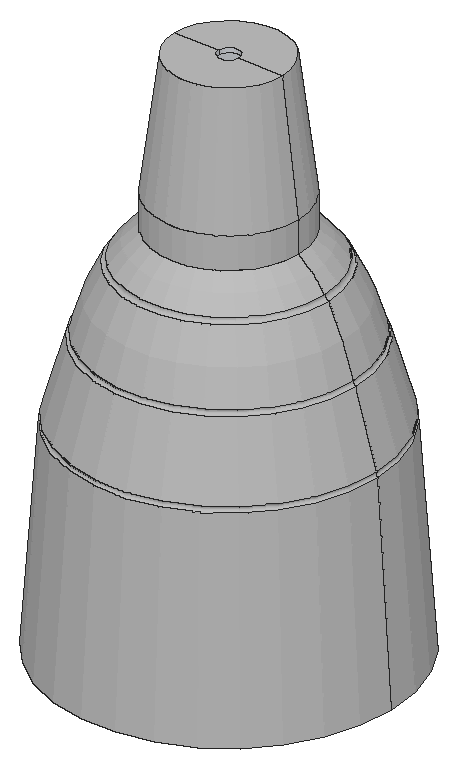
Revit family "CO8 SHADE", category Lighting Fixtures, Revit 2024
Family settings
  Round Connector Dimension = Use Diameter
  Part Type = Normal
  OmniClass Number = 23.80.70.00
  OmniClass Title = Lighting
  Work Plane-Based = No
  Always vertical = Yes
  Cut with Voids When Loaded = No
  Light Source = Yes
  Maintain Annotation Orientation = No
  Shared = No
  Room Calculation Point = No
Parameters
  Wattage = 12.1178 W
  built-in parameter 1150110 = 1 (stored number, unit not read)
  built-in parameter 1114217 = 1 (stored number, unit not read)
  built-in parameter 1150109 = 1 (stored number, unit not read)
  built-in parameter 1150134 = (empty or 0)
  built-in parameter 1150113 = 1 (stored number, unit not read)
  Lumens = 1800 lm
  built-in parameter 1150115 = 1 (stored number, unit not read)
  built-in parameter 1150105 = 572.96 (stored number, unit not read)
  Light Source Symbol Size = 2' - 0"
  built-in parameter 1150137 = (empty or 0)
  built-in parameter 1150139 = (empty or 0)
  built-in parameter 1150112 = 1 (stored number, unit not read)
  built-in parameter 1150114 = 1 (stored number, unit not read)
  built-in parameter 1150132 = 2
  built-in parameter 1150102 = (empty or 0)
  built-in parameter 1150138 = (empty or 0)
  built-in parameter 1150107 = 3000 (stored number, unit not read)
  built-in parameter 1150106 = 5.7296 (stored number, unit not read)
  built-in parameter 1150104 = 13.8 (stored number, unit not read)
  Dimming Lamp Color Temperature Shift = (empty or 0)
  Default Elevation = 0' - 0"
  Color Filter = 16777215
  built-in parameter 1114218 = 1 (stored number, unit not read)
  built-in parameter 1150133 = 10 (stored number, unit not read)
Reference planes (in)
  plane 1 "Light Source Axis (F/B)": y = 0
  plane 2: z = 0
  plane 3 "Light Source Axis (L/R)": x = 0
  plane 4 "Light Source Elevation": z = 84
Forms (in)
  Revolve 1, solid
    sketch origin (0, 0, 0) x (1, 0, 0) y (0, 0, 1)
      loop
        line (0.25, 97) -> (0.25, 96.90625) -> (1.24774, 96.90625) -> (1.6325, 93.97318) -> (1.6325, 93.17664)
        arc (1.6325, 93.17664) -> (1.967, 92.86775) -> (2.26066, 92.51981) r 3.66887
        arc (2.26066, 92.51981) -> (2.29423, 92.41232) -> (2.3842, 92.3446) r 0.18374
        arc (2.3842, 92.3446) -> (2.72075, 91.65046) -> (2.96533, 90.91884) r 5.99292
        arc (2.96533, 90.91884) -> (2.96661, 90.80162) -> (3.0461, 90.71546) r 0.1633
        arc (3.0461, 90.71546) -> (3.30401, 89.91745) -> (3.52141, 89.10745) r 16.64562
        arc (3.52141, 89.10745) -> (3.50934, 89.00402) -> (3.56347, 88.91506) r 0.16004
        arc (3.56347, 88.91506) -> (3.82471, 86.46396) -> (3.90625, 84.00032) r 33.73065
        line (3.90625, 84.00032) -> (4, 84.00032)
        arc (4, 84.00032) -> (3.91661, 86.49356) -> (3.6497, 88.97387) r 33.8244
        arc (3.6497, 88.97387) -> (3.6012, 89.02283) -> (3.6224, 89.0884) r 0.06629
        arc (3.6224, 89.0884) -> (3.39302, 89.94707) -> (3.11838, 90.79234) r 16.73937
        arc (3.11838, 90.79234) -> (3.05527, 90.83267) -> (3.06534, 90.90688) r 0.06955
        arc (3.06534, 90.90688) -> (2.80644, 91.6886) -> (2.44439, 92.42822) r 6.08667
        arc (2.44439, 92.42822) -> (2.3719, 92.46488) -> (2.35849, 92.545) r 0.08999
        arc (2.35849, 92.545) -> (2.06323, 92.90244) -> (1.72625, 93.22085) r 3.76262
        line (1.72625, 93.22085) -> (1.72625, 93.9793) -> (1.33, 97) -> (0.25, 97)
      axis (0, 97) -> (0, 84.00032)
    angle from 0 to 360
Dimensions and locks (in)
  aligned and locked: plane 3 "Light Source Axis (L/R)" to imposter light
  aligned and locked: plane 1 "Light Source Axis (F/B)" to imposter light
  aligned and locked: plane 4 "Light Source Elevation" to imposter light
  aligned and locked: level to plane 2
